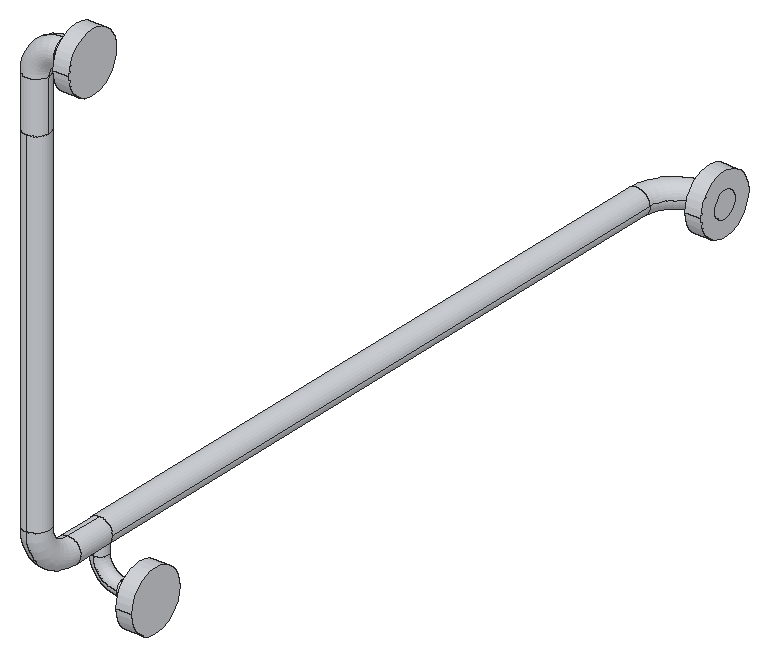
Revit family "AT9+10_Toilet Rail", category Generic Models, Revit 2013
Parameters
  URL = "http://www.surecare.com.au"
  Rail Radius = 16.0 mm
  Model = "AT9 / AT10"
  Manufacturer = "SURE CARE"
  Description = "Toilet Grab Rail Side Only with Upturn"
Reference planes
  plane 1 "Center (Front/Back)": y = 0
  plane 2: z = 0
  plane 3 "Center (Left/Right)": x = 0
  plane 4 "Side Rail Center": x = -71
  plane 5 "Rail Center Height": z = 784
  plane 6 "Side Rail End": y = -1050
  plane 7: z = 1384
  plane 8 "Side Rail Bracket A": y = -950
  plane 9 "Bracket Height": z = 730
  plane 10: z = 800
  plane 11 "Side Rail Start": y = -50
  plane 12: x = -55
Forms (mm)
  Sweep 1, solid
    path origin (0, 0, 784) x (-1, 0, 0) y (0, -1, 0)
      loop
        line (0, 50) -> (21, 50)
        arc (21, 50) -> (56.355, 64.645) -> (71, 100) r 50
        line (71, 100) -> (71, 950)
    profile origin (-71, -525, 784) x (1, 0, 0) y (0, 0, 1)
      loop
        circle (0, 0) r 16
  Extrusion 2, solid
    sketch origin (0, -50, 25) x (0, 1, 0) y (0, 0, 1)
      loop
        circle (-900, 705) r 37.5
    from 0 to -20
  Sweep 3, solid
    path origin (0, -950, 0) x (-1, 0, 0) y (0, 0, 1)
      loop
        line (71, 784) -> (71, 760)
        arc (71, 760) -> (62.213, 738.787) -> (41, 730) r 30
        line (41, 730) -> (20, 730)
    profile origin (-71, -950, 772) x (0, 1, 0) y (-1, 0, 0)
      loop
        circle (0, 0) r 10
  Extrusion 4, solid
    sketch origin (0, -839.342, 312.297) x (0, 1, 0) y (0, 0, 1)
      loop
        circle (-210.658, 1071.703) r 37.5
    from 0 to -20
  Extrusion 5, solid
    sketch origin (0, 0, 0) x (0, 1, 0) y (0, 0, 1)
      loop
        circle (-50, 784) r 37.5
    from 0 to -20
  Sweep 6, solid
    path origin (-71, 0, 0) x (0, 1, 0) y (0, 0, 1)
      loop
        line (-950, 784) -> (-1000, 784)
        arc (-1000, 784) -> (-1035.355, 798.645) -> (-1050, 834) r 50
        line (-1050, 834) -> (-1050, 1284)
    profile origin (-71, -975, 784) x (0, 0, -1) y (1, 0, 0)
      loop
        circle (0, 0) r 16
  Sweep 7, solid
    path origin (0, -1050, 0) x (0, 0, 1) y (-1, 0, 0)
      loop
        line (1384, 20) -> (1384, 36)
        arc (1384, 36) -> (1373.749, 60.749) -> (1349, 71) r 35
        line (1349, 71) -> (1284, 71)
    profile origin (-28, -1050, 1384) x (0, 0, -1) y (0, -1, 0)
      loop
        circle (0, 0) r 16
Cuts and joins
  joined: Sweep 1, Sweep 6, Sweep 7
Dimensions and locks
  plane 5 "Rail Center Height" to level = 784.0 mm
  plane 8 "Side Rail Bracket A" to plane 1 "Center (Front/Back)" = 950.0 mm
  plane 9 "Bracket Height" to level = 730.0 mm
  "Rail Radius": plane 10 to plane 5 "Rail Center Height"
  plane 11 "Side Rail Start" to plane 6 "Side Rail End" = 1000.0 mm
  "Rail Radius": plane 4 "Side Rail Center" to plane 12
  "Rail Radius": radius of Sweep 1 sketch curve
  radius of Sweep 1 sketch curve = 50.0 mm
  "Rail Radius": radius of Sweep 6 sketch curve
  "Rail Radius": radius of Sweep 7 sketch curve
  aligned and locked: level to plane 2
  aligned and locked: Sweep 1 sketch curve to plane 4 "Side Rail Center"
  aligned and locked: plane 8 "Side Rail Bracket A" to Extrusion 2 sketch curve
  aligned and locked: plane 9 "Bracket Height" to Extrusion 2 sketch curve
  aligned and locked: Sweep 3 sketch curve to plane 9 "Bracket Height"
  aligned and locked: Sweep 3 sketch curve to plane 4 "Side Rail Center"
  aligned and locked: plane 5 "Rail Center Height" to Sweep 3 sketch curve
  aligned and locked: plane 7 to Extrusion 4 sketch curve
  aligned and locked: plane 6 "Side Rail End" to Extrusion 4 sketch curve
  aligned and locked: Sweep 1 sketch curve to plane 11 "Side Rail Start"
  aligned and locked: plane 3 "Center (Left/Right)" to Sweep 1 sketch curve
  aligned and locked: plane 11 "Side Rail Start" to Extrusion 5 sketch curve
  aligned and locked: plane 5 "Rail Center Height" to Extrusion 5 sketch curve
  aligned and locked: plane 8 "Side Rail Bracket A" to Sweep 6 sketch curve
  aligned and locked: plane 8 "Side Rail Bracket A" to Sweep 1 sketch curve
Automatic sketch dimensions
  plane 4 "Side Rail Center" to Sweep 3 sketch curve = 30.0 mm
  Sweep 3 sketch curve to plane 3 "Center (Left/Right)" = 20.0 mm
  Sweep 3 sketch curve to plane 8 "Side Rail Bracket A" = 0.0 mm
  Sweep 3 sketch curve to profile plane = 0.0 mm
  Sweep 7 sketch curve to plane 4 "Side Rail Center" = 0.0 mm
  Sweep 7 sketch curve to plane 7 = 0.0 mm
  Sweep 7 sketch curve to plane 7 = 35.0 mm
  Sweep 7 sketch curve to Sweep 7 sketch curve = 65.0 mm
  Sweep 7 sketch curve to plane 3 "Center (Left/Right)" = 20.0 mm
  Sweep 6 sketch curve to plane 6 "Side Rail End" = 0.0 mm
  Sweep 6 sketch curve to plane 5 "Rail Center Height" = 0.0 mm
  plane 10 to Sweep 6 sketch curve = 34.0 mm
  Sweep 6 sketch curve to plane 7 = 100.0 mm
  Sweep 1 sketch curve to plane 5 "Rail Center Height" = 0.0 mm
  profile plane to Sweep 1 sketch curve = 0.0 mm
  Sweep 6 sketch curve to plane 4 "Side Rail Center" = 0.0 mm
  Sweep 6 sketch curve to profile plane = 0.0 mm
  Sweep 7 sketch curve to plane 6 "Side Rail End" = 0.0 mm
  Sweep 7 sketch curve to profile plane = 0.0 mm
  radius of Extrusion 2 sketch curve = 37.5 mm
  radius of Sweep 3 sketch curve = 10.0 mm
  radius of Extrusion 4 sketch curve = 37.5 mm
  radius of Extrusion 5 sketch curve = 37.5 mm
